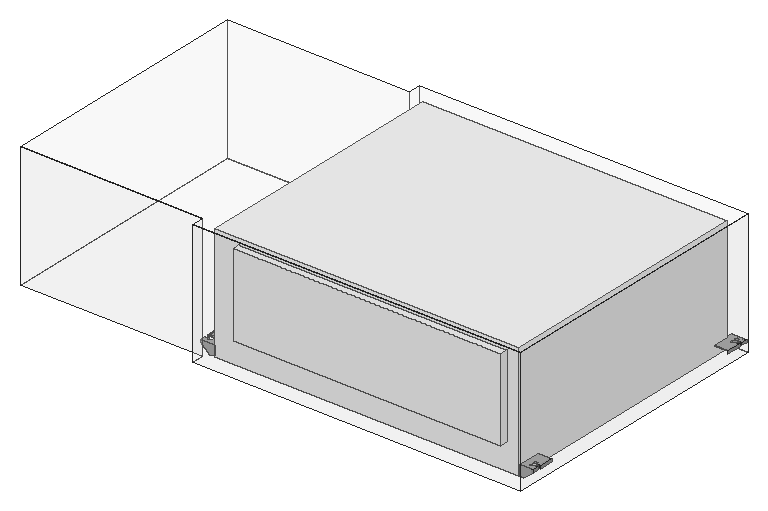
Revit family "pe-rp224_280ea5_60Hz", category 機械設備, Revit 2019
Family settings
  丸型コネクタ寸法 = 直径を使用
  パーツ タイプ = 標準
  OmniClass 番号 = 23.75.10.24.21.27.27
  OmniClass タイトル = Split System Air Conditioning Units
  作業面ベース = いいえ
  常に垂直 = はい
  ロード時にボイドで切り取り = いいえ
  共有 = いいえ
  部屋計算ポイント = はい
Parameters (values of type "PE-RP224EA5_60Hz")
  風量（弱）（m3／min） = 42
  風量（中）（m3／min） = 51
  風量（m3／min） = 60
  風量 = MAX風量  # 3600.0 m³/h
  音響パワーレベル（弱）(dB) = 63
  音響パワーレベル（中）(dB) = 64
  音響パワーレベル(dB) = 64
  電源種別 = "一般"
  電圧_電気ヒーター = 0 V
  電圧 = 200 V
  電動機出力_送風機 = 0.56 kW
  運転質量 = 0.00 kg
  連動 = ""
  質量 = if(製品質量 > 運転質量, 製品質量, 運転質量) * 1.2  # 104.40 kg
  負荷分類 = 3_ファン類
  説明 = "店舗・事務所用パッケージエアコン(Mr.SLIM) 天井埋込形"
  設計暖房能力 = 0 kW
  設計冷房能力_顕熱 = 0 kW
  設計冷房能力 = 0 kW
  設置方法 = "天井吊（隠ぺい）形"
  記号 = ""
  製造元 = "三菱電機株式会社"
  製品質量 = 87.00 kg
  製品出荷対象 = "国内"
  製品リリース年月 = "2025/5/12"
  製品グループ = ""
  系統 = ""
  符号 = "PAC-CID"
  積算_科目 = "1 空気調和設備"
  積算_拾い区分 = ""
  相_電気ヒーター = 1
  相 = 1
  盤記号 = ""
  発停方法 = ""
  特殊仕様 = ""
  火災停止 = ""
  消費電力_電気ヒーター = 0 kW
  消費電力_暖房 = 0.35 kW
  消費電力_加湿器 = 0 kW
  消費電力_冷房 = 0.35 kW
  消費電力 = if(消費電力_冷房 > 消費電力_暖房, 消費電力_冷房, 消費電力_暖房) + 消費電力_加湿器 + 消費電力_電気ヒーター  # 0.35 kW
  法定耐用年数 = "15"
  機外静圧 = 75.0 Pa
  製造番号 = ""
  極数 = 3
  材質 = "溶融亜鉛メッキ鋼板"
  本体マテリアル = 鋼、ペイント仕上げ、アイボリー、光沢
  有効加湿量 = 0
  暖房能力 = 22.4 kW
  形式_加湿器 = ""
  幹線記号 = ""
  始動方式 = "直入"
  呼称 = "室内機 天井吊(隠ぺい)形(両ダクト形)"
  周波数 = 60 Hz
  吊り位置Y = 1034.00 mm
  吊り位置X = 1324.00 mm
  加湿給水管径 = 0 mm
  分類コード = "50053003123080"
  分類グループ = ""
  冷房能力 = 20 kW
  冷媒高低圧ガス管径 = 0 mm
  冷媒管径符号 = "Bg"
  冷媒管径 = 100 mm
  冷媒液管径 = 9.52 mm
  冷媒ガス管径 = 25.4 mm
  価格 = 0
  企業コード = "108420"
  付属品_フィルター = ""
  付属品 = ""
  モデル = "PE-RP224EA5"
  ドレン管径 = 32 mm
  サービススペース = yes
  ケーブル種類 = ""
  ケーブルサイズ = 2 mm
  Width = 1250.00 mm
  Version = ""
  Uniclass2015Version = "Systems v1.9"
  Uniclass2015Title = "Split coil remote air cooled condensing units"
  Uniclass2015Code = "Pr_70_65_03_84"
  URL = "https://www.mitsubishielectric.co.jp/ldg/wink/qr/002/338246/"
  SpecificationReference = ""
  SpecificationDescription = ""
  SAサイズ_W = 1100.00 mm
  SAサイズ_D = 340.00 mm
  Revision = ""
  RAサイズ_W = 1100.00 mm
  RAサイズ_D = 420.00 mm
  ProductInformation = ""
  OmniClassCode = "23-33 17 13 11"
  MIN風量 = 風量（弱）（m3／min） * 60.0 m³/h  # 2520.0 m³/h
  MID風量 = 風量（中）（m3／min） * 60.0 m³/h  # 3060.0 m³/h
  MAX風量 = 風量（m3／min） * 60.0 m³/h  # 3600.0 m³/h
  IfcTypeProduct = ""
  IfcProduct = ""
  IfcExportType = "AIRCONDITIONINGUNIT"
  IfcExportAs = "IfcUnitaryEquipmentType"
  Height = 470.00 mm
  Depth = 1067.00 mm
  Author = "三菱電機株式会社"
Types (2, lengths in mm): name | 風量（弱）（m3／min） | 風量（中）（m3／min） | 風量（m3／min） | 風量 | 音響パワーレベル（弱）(dB) | 音響パワーレベル（中）(dB) | 音響パワーレベル(dB) | 消費電力_暖房 | 消費電力_冷房 | 消費電力 | 暖房能力 | 冷房能力 | 冷媒管径符号 | 冷媒液管径 | モデル | URL | MIN風量 | MID風量 | MAX風量
  PE-RP224EA5_60Hz | 42 | 51 | 60 | 3600.0 m³/h | 63 | 64 | 64 | 0.35 kW | 0.35 kW | 0.35 kW | 22.4 kW | 20 kW | "Bg" | 9.52 | "PE-RP224EA5" | "https://www.mitsubishielectric.co.jp/ldg/wink/qr/002/338246/" | 2520.0 m³/h | 3060.0 m³/h | 3600.0 m³/h
  PE-RP280EA5_60Hz | 50 | 61 | 72 | 4320.0 m³/h | 67 | 67 | 68 | 0.53 kW | 0.53 kW | 0.53 kW | 28 kW | 25 kW | "Cg" | 12.7 | "PE-RP280EA5" | "https://www.mitsubishielectric.co.jp/ldg/wink/qr/002/338247/" | 3000.0 m³/h | 3660.0 m³/h | 4320.0 m³/h
Reference planes
  plane 1 "中心(正面/背面)": y = 0
  plane 2: z = 0
  plane 3 "中心(左/右)": x = 0
  plane 4 "本体_2": x = -625
  plane 5 "本体_1": x = 625
  plane 6: y = -533.5
  plane 7 "サービススペース_5": y = 533.5
  plane 8 "最外形_2": x = -685
  plane 9 "最外形_1": x = 685
  plane 10 "SA_1": x = -525
  plane 11 "SA_2": x = 575
  plane 12 "SA": y = -562.5
  plane 13 "RA_1": x = -523
  plane 14 "RA_2": x = 577
  plane 15 "RA": y = 557.5
  plane 16 "Drain_1": y = -108.5
  plane 17 "Pipe_3": x = -735
  plane 18 "Pipe_1": y = -324.5
  plane 19 "Drain_3": x = -645
  plane 20: y = -502.5
  plane 21: y = 531.5
  plane 22 "サービススペース_1": y = 583.5
  plane 23 "サービススペース_a": x = -1425
  plane 24 "サービススペース_2": y = -583.5
  plane 25 "サービススペース_3": x = -675
  plane 26 "サービススペース_4": x = 675
  plane 27: z = 20
Forms (mm)
  Extrusion 1, solid, detail levels fine
    sketch origin (0, 0, 0) x (1, 0, 0) y (0, 1, 0)
      loop
        line (-625, 533.5) -> (-625, -533.5) -> (625, -533.5) -> (625, 533.5) -> (-625, 533.5)
    from 0 to -470
  Extrusion 2, solid, detail levels fine
    sketch origin (0, 0, 0) x (1, 0, 0) y (0, 1, 0)
      loop
        line (575, -533.5) -> (-525, -533.5) -> (-525, -562.5) -> (575, -562.5) -> (575, -533.5)
    from -365 to -25
  Extrusion 3, solid, detail levels fine
    sketch origin (0, 0, 0) x (1, 0, 0) y (0, 1, 0)
      loop
        line (-523, 533.5) -> (577, 533.5) -> (577, 557.5) -> (-523, 557.5) -> (-523, 533.5)
    from -450 to -30
  Extrusion 4, solid, detail levels fine
    sketch origin (0, 0, 0) x (0, 1, 0) y (0, 0, 1)
      loop
        circle (-324.5, -270) r 50
    from -735 to -625
  Extrusion 5, solid, detail levels fine
    sketch origin (0, 0, 0) x (0, 1, 0) y (0, 0, 1)
      loop
        circle (-108.5, -441) r 16
    from -645 to -625
Dimensions and locks
  plane 5 "本体_1" to plane 4 "本体_2" = 1250.00 mm
  plane 9 "最外形_1" to plane 8 "最外形_2" = 1370.00 mm
  plane 7 "サービススペース_5" to plane 6 = 1067.00 mm
  plane 21 to plane 20 = 1034.00 mm
  plane 7 "サービススペース_5" to nested 6 = 200.00 mm
  nested 6 to nested 6 = 550.00 mm
  nested 7 to nested 6 = 650.00 mm
  nested 6 to plane 4 "本体_2" = 150.00 mm
  diameter of Extrusion 4 sketch curve = 100.00 mm
  diameter of Extrusion 5 sketch curve = 32.00 mm
  aligned and locked: level to plane 2
  aligned and locked: nested 7 to plane 24 "サービススペース_2"
  aligned and locked: nested 7 to plane 22 "サービススペース_1"
  aligned and locked: plane 26 "サービススペース_4" to nested 7
  aligned and locked: nested 7 to plane 23 "サービススペース_a"
  aligned and locked: plane 25 "サービススペース_3" to nested 7
  aligned and locked: plane 27 to nested 7
  aligned and locked: nested 6 to plane 23 "サービススペース_a"
Nested families
  nested 1: "LEG_pe-rp-ea" at (-662, -502.5, -429) x (0, -1, 0) z (0, 0, 1), type "LEG", detail levels fine
  nested 2: "LEG_pe-rp-ea" at (-662, 531.5, -429) x (0, 1, 0) z (0, 0, 1), type "LEG", detail levels fine
  nested 3: "LEG_pe-rp-ea" at (662, -502.5, -429) x (0, -1, 0) z (0, 0, 1), type "LEG", detail levels fine
  nested 4: "LEG_pe-rp-ea" at (662, 531.5, -429) x (0, 1, 0) z (0, 0, 1), type "LEG", detail levels fine
  nested 5: "固定点" at (-662, -502.5, 0), type "固定点"
    with W 1324.00 mm, D 1034.00 mm
  nested 6: "点検口設置範囲" at (-1100, 58.5, -490), type "点検口設置範囲"
    with Width 1000.00 mm, Depth 700.00 mm
  nested 7: "サービススペース" at (425, 0, -235), type "サービススペース"
    with Width_1 1350.00 mm, Width 2100.00 mm, Height 510.00 mm, Depth 1167.00 mm
Connectors
  hvac at (25, -562.5, -195), driven by "SAサイズ_D", driven by "SAサイズ_W", driven by "機外静圧", driven by "風量"
    settings: on Extrusion 2, index 1, duct flow 3600.0 m³/h, flow factor 0, pres drop 75.0 Pa, loss coef 0, conn angle 0.00°, conn width 1100 mm, conn height 340 mm, conn diameter 609.6 mm, duct sys type 29, conn prof type 1, flow config 0, flow direction 2, loss method 4, conn ref index -1, conn util no, is conn primary yes, conn desc ""
  hvac at (27, 557.5, -240), driven by "RAサイズ_D", driven by "RAサイズ_W", driven by "機外静圧", driven by "風量"
    settings: on Extrusion 3, index 2, duct flow 3600.0 m³/h, flow factor 0, pres drop 75.0 Pa, loss coef 0, conn angle 0.00°, conn width 1100 mm, conn height 420 mm, conn diameter 609.6 mm, duct sys type 29, conn prof type 1, flow config 0, flow direction 1, loss method 4, conn ref index -1, conn util no, is conn primary no, conn desc ""
  piping at (-735, -324.5, -270), diameter 100, driven by "冷媒管径", driven by "冷媒管径符号"
    settings: on Extrusion 4, index 3, connector inside diameter 609.6 mm, connector length 0.00 mm, flow factor 0, pipe flow 0.0 L/s, pressure drop 0.0 Pa, fitting loss kfactor 0, connector angle 0.00°, fixture units 0, engagement length 0.00 mm, angle of deflection 0.00°, flow configuration 1, flow direction 1, fitting loss method 4, system type 7, joint type 0, gender type 0, connector reference index -1, connector utility 0, adjustable connector no, is connector primary yes, connector description "Bg"
  piping at (-645, -108.5, -441), diameter 32, driven by "ドレン管径"
    settings: on Extrusion 5, index 4, connector inside diameter 609.6 mm, connector length 0.00 mm, flow factor 0, pipe flow 0.0 L/s, pressure drop 0.0 Pa, fitting loss kfactor 0, connector angle 0.00°, fixture units 0, engagement length 0.00 mm, angle of deflection 0.00°, flow configuration 1, flow direction 2, fitting loss method 4, system type 16, joint type 0, gender type 0, connector reference index -1, connector utility 0, adjustable connector no, is connector primary no, connector description ""
  electrical at (-625, 0, -235), driven by "極数", driven by "負荷分類", driven by "電圧", driven by "消費電力"
    settings: on Extrusion 1, index 5, voltage 200 V, apparent load 350 VA, apparent load phase1 0 VA, apparent load phase2 0 VA, apparent load phase3 0 VA, power factor 1, load classification "3_ファン類", number of poles 3, system type 30, power factor state 1, is connector primary yes, connector utility no, sub classification motor no, connector description ""
Definition of nested family "LEG_pe-rp-ea"
  Parameters (values of type "LEG")
    product distance = 28.00 mm
  Reference planes
    plane 1 "中心(正面/背面)": y = 0
    plane 2: z = 0
    plane 3 "中心(左/右)": x = 0
  Forms (mm)
    Extrusion 1, void, detail levels fine
      sketch origin (0, 0, 0) x (1, 0, 0) y (0, 1, 0)
        loop
          arc (-8, 7) -> (-15, 0) -> (-8, -7) r 7
          line (-8, -7) -> (-6, -7) -> (-6, -23) -> (6, -23) -> (6, -7) -> (8, -7)
          arc (8, -7) -> (15, 0) -> (8, 7) r 7
          line (8, 7) -> (-8, 7)
      from 0 to -60
    Extrusion 2, solid, detail levels fine
      sketch origin (-38.369, 0, 0) x (-1, 0, 0) y (0, -1, 0)
        loop
          line (-68.369, -37) -> (25, -37) -> (25, 23) -> (-68.369, 23) -> (-68.369, -37)
      from 0 to -41
    Extrusion 3, void, detail levels fine
      sketch origin (-38.369, 0, 0) x (0, 1, 0) y (0, 0, -1)
        loop
          line (-20.7, 2.3) -> (37, 2.3) -> (37, 60) -> (-23, 60) -> (-23, 10) -> (-20.7, 10) -> (-20.7, 2.3)
      from -66.197 to 25
    Extrusion 4, void, detail levels fine
      sketch origin (30, 26, 0) x (0, -1, 0) y (0, 0, -1)
        loop
          line (49, 41) -> (9, 41) -> (49, 10) -> (49, 41)
      from -2.172 to 0
  Cuts and joins
    Extrusion 1, Extrusion 3, Extrusion 4 cuts Extrusion 2
  Dimensions and locks
    Extrusion 2 sketch curve to Extrusion 2 sketch curve = 93.369 mm  (x2)
    aligned and locked: level to plane 2
Definition of nested family "サービススペース"
  Parameters (values of type "サービススペース")
    Width_1 [instance] = 450.00 mm
    Width [instance] = 500.00 mm
    Height [instance] = 500.00 mm
    Depth [instance] = 500.00 mm
  Reference planes
    plane 1 "中心(正面/背面)": y = 0
    plane 2: z = 0
    plane 3 "中心(左/右)": x = 0
    plane 4: y = -250
    plane 5: x = 250
    plane 6: y = 250
    plane 7: x = -250
    plane 8: z = 250
    plane 9: z = -250
    plane 10: y = -200
    plane 11: y = 200
    plane 12: x = -200
  Forms (mm)
    Extrusion 1, solid
      sketch origin (-638.939, 0, 72.39) x (1, 0, 0) y (0, 1, 0)
        loop
          line (888.939, 250) -> (438.939, 250) -> (438.939, 200) -> (388.939, 200) -> (388.939, -200) -> (438.939, -200) -> (438.939, -250) -> (888.939, -250) -> (888.939, 250)
      from -322.39 to 177.61
  Lines and regions (mm)
    symbolic lines
      curve 1: line (-250, 0, 250) -> (250, 0, 250)
      curve 2: line (-250, 0, -250) -> (-250, 0, 250)
      curve 3: line (250, 0, -250) -> (-250, 0, -250)
      curve 4: line (250, 0, 250) -> (250, 0, -250)
      curve 5: line (0, -250, 250) -> (0, 250, 250)
      curve 6: line (0, -250, -250) -> (0, -250, 250)
      curve 7: line (0, 250, -250) -> (0, -250, -250)
      curve 8: line (0, 250, 250) -> (0, 250, -250)
      curve 9: line (-200, 250, 0) -> (250, 250, 0)
      curve 10: line (250, 250, 0) -> (250, -250, 0)
      curve 11: line (250, -250, 0) -> (-200, -250, 0)
      curve 12: line (-250, 200, 0) -> (-250, -200, 0)
      curve 13: line (-200, -250, 0) -> (-200, -200, 0)
      curve 14: line (-200, 250, 0) -> (-200, 200, 0)
      curve 15: line (-200, 200, 0) -> (-250, 200, 0)
      curve 16: line (-200, -200, 0) -> (-250, -200, 0)
  Dimensions and locks
    equal spacing: plane 4, plane 1 "中心(正面/背面)", plane 6
    "Depth": plane 4 to plane 6
    "Width": plane 7 to plane 5
    equal spacing: plane 8, plane 2, plane 9
    "Height": plane 8 to plane 9
    "Width_1": plane 12 to plane 5
    locked: plane 11 to plane 6 at 50
    locked: plane 10 to plane 4 at 50
    aligned and locked: plane 9 to curve 3
    aligned and locked: plane 7 to curve 2
    aligned and locked: curve 4 to plane 5
    aligned and locked: Extrusion 1 to plane 9
    aligned and locked: plane 8 to Extrusion 1
    aligned and locked: plane 9 to curve 7
    aligned and locked: plane 4 to Extrusion 1
    aligned and locked: Extrusion 1 to plane 10
    aligned and locked: Extrusion 1 to plane 6
    aligned and locked: Extrusion 1 to plane 11
    aligned and locked: Extrusion 1 to plane 7
    aligned and locked: plane 5 to Extrusion 1
    aligned and locked: Extrusion 1 sketch curve to curve 13
    aligned and locked: Extrusion 1 sketch curve to curve 14
  Automatic sketch dimensions
    curve 2 to plane 8 = 0.00 mm
    curve 7 to plane 4 = 0.00 mm
    curve 7 to plane 6 = 0.00 mm
    curve 6 to plane 8 = 0.00 mm
    curve 12 to plane 7 = 0.00 mm
    plane 6 to curve 14 = 0.00 mm
    plane 4 to curve 11 = 0.00 mm
    curve 10 to plane 5 = 0.00 mm
    plane 11 to curve 12 = 0.00 mm
    curve 16 to plane 10 = 0.00 mm
    Extrusion 1 sketch curve to plane 7 = 0.00 mm
    plane 6 to Extrusion 1 sketch curve = 0.00 mm
    plane 11 to Extrusion 1 sketch curve = 0.00 mm
    Extrusion 1 sketch curve to plane 5 = 0.00 mm
    plane 4 to Extrusion 1 sketch curve = 0.00 mm
    Extrusion 1 sketch curve to plane 10 = 0.00 mm
    curve 14 to plane 12 = 0.00 mm
    curve 11 to plane 12 = 0.00 mm
Definition of nested family "固定点"
  Parameters (values of type "固定点")
    中心円 = 20.00 mm
    W [instance] = 1324.00 mm
    D [instance] = 1034.00 mm
  Reference planes
    plane 1 "中心(正面/背面)": y = 0
    plane 2: z = 0
    plane 3 "中心(左/右)": x = 0
    plane 4: x = 1324
    plane 5: y = 1034
  Lines and regions (mm)
    symbolic lines, detail levels fine
      curve 1: circle (0, 1034, 0) r 10 normal (0, 0, 1)
      curve 2: circle (0, 0, 0) r 10 normal (0, 0, 1)
      curve 3: circle (1324, 1034, 0) r 10 normal (0, 0, 1)
      curve 4: circle (1324, 0, 0) r 10 normal (0, 0, 1)
      curve 5: line (-200, 1034, 0) -> (1524, 1034, 0)
      curve 6: line (-200, 0, 0) -> (1524, 0, 0)
      curve 7: line (0, 1234, 0) -> (0, -200, 0)
      curve 8: line (1324, 1234, 0) -> (1324, -200, 0)
  Dimensions and locks
    "W": plane 3 "中心(左/右)" to plane 4
    "D": plane 1 "中心(正面/背面)" to plane 5
    "中心円": diameter of curve 1
    "中心円": diameter of curve 2
    "中心円": diameter of curve 3
    "中心円": diameter of curve 4
    aligned and locked: level to plane 2
    aligned and locked: plane 5 to curve 1
    aligned and locked: plane 3 "中心(左/右)" to curve 1
    aligned and locked: plane 3 "中心(左/右)" to curve 2
    aligned and locked: plane 1 "中心(正面/背面)" to curve 2
    aligned and locked: plane 4 to curve 3
    aligned and locked: plane 5 to curve 3
    aligned and locked: plane 1 "中心(正面/背面)" to curve 4
    aligned and locked: plane 4 to curve 4
    aligned and locked: plane 1 "中心(正面/背面)" to curve 6
    aligned and locked: curve 7 to plane 3 "中心(左/右)"
    aligned and locked: curve 8 to plane 4
  Automatic sketch dimensions
    curve 5 to plane 5 = 0.00 mm
    curve 6 to plane 3 "中心(左/右)" = 200.00 mm
    curve 5 to plane 3 "中心(左/右)" = 200.00 mm
    curve 4 to curve 6 = 200.00 mm
    curve 3 to curve 5 = 200.00 mm
    plane 1 "中心(正面/背面)" to curve 8 = 200.00 mm
    plane 1 "中心(正面/背面)" to curve 7 = 200.00 mm
    curve 3 to curve 8 = 200.00 mm
    curve 1 to curve 7 = 200.00 mm
Definition of nested family "点検口設置範囲"
  Parameters (values of type "点検口設置範囲")
    Width [instance] = 1000.00 mm
    Depth [instance] = 700.00 mm
  Reference planes
    plane 1 "中心(正面/背面)": y = 0
    plane 2: z = 0
    plane 3 "中心(左/右)": x = 0
    plane 4: x = -325
    plane 5: x = 325
    plane 6: y = 275
    plane 7: y = -275
  Lines and regions (mm)
    model lines
      curve 1: line (-325, 275, 0) -> (325, 275, 0)
      curve 2: line (-325, -275, 0) -> (-325, 275, 0)
      curve 3: line (325, -275, 0) -> (-325, -275, 0)
      curve 4: line (325, 275, 0) -> (325, -275, 0)
  Dimensions and locks
    plane 4 to plane 5 = 650.00 mm
    equal spacing: plane 4, plane 3 "中心(左/右)", plane 5
    plane 7 to plane 6 = 550.00 mm
    equal spacing: plane 7, plane 1 "中心(正面/背面)", plane 6
    aligned and locked: level to plane 2
    aligned and locked: curve 3 to plane 7
    aligned and locked: curve 4 to plane 5
    aligned and locked: plane 4 to curve 2
    aligned and locked: plane 6 to curve 1
